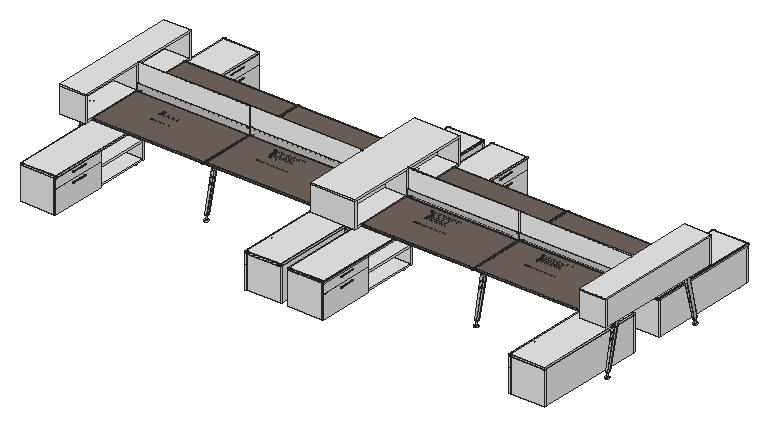
Revit family "T200005", category Furniture, Revit 2015 (continued)
Definition of nested family "OFS_ELEVEN-WORKSPACE_TOOLRAIL_KITS"
  Automatic sketch dimensions
    Masking region 2 sketch curve to Masking region 2 sketch curve = 0.09196"
    Masking region 3 sketch curve to plane 4 "CENTER" = 0"
    Masking region 3 sketch curve to plane 10 "RIGHT" = 0"
    Masking region 3 sketch curve to plane 2 "Center (Front/Back)" = 0.4986"
    Masking region 3 sketch curve to Masking region 3 sketch curve = 0.09196"
    Masking region 4 sketch curve to plane 4 "CENTER" = 0"
    Masking region 4 sketch curve to plane 10 "RIGHT" = 0"
    plane 2 "Center (Front/Back)" to Masking region 4 sketch curve = 0.59055"
    Masking region 4 sketch curve to Masking region 4 sketch curve = 0.09196"
    Masking region 5 sketch curve to plane 4 "CENTER" = 0"
    Masking region 5 sketch curve to plane 10 "RIGHT" = 0"
    plane 2 "Center (Front/Back)" to Masking region 5 sketch curve = 0.4986"
    Masking region 5 sketch curve to plane 2 "Center (Front/Back)" = 0.4986"
    Masking region 6 sketch curve to plane 7 "LEFT" = 0"
    Masking region 6 sketch curve to plane 4 "CENTER" = 0"
    plane 2 "Center (Front/Back)" to Masking region 6 sketch curve = 0.4986"
    Masking region 6 sketch curve to plane 2 "Center (Front/Back)" = 0.4986"
    Masking region 7 sketch curve to plane 7 "LEFT" = 0"
    Masking region 7 sketch curve to plane 5 = 0"
    Masking region 7 sketch curve to plane 2 "Center (Front/Back)" = 0.4986"
    Masking region 7 sketch curve to Masking region 7 sketch curve = 0.09196"
    Masking region 8 sketch curve to plane 7 "LEFT" = 0"
    Masking region 8 sketch curve to plane 5 = 0"
    plane 2 "Center (Front/Back)" to Masking region 8 sketch curve = 0.59055"
    Masking region 8 sketch curve to Masking region 8 sketch curve = 0.09196"
    Masking region 9 sketch curve to plane 7 "LEFT" = 0"
    Masking region 9 sketch curve to plane 5 = 0"
    plane 2 "Center (Front/Back)" to Masking region 9 sketch curve = 0.4986"
    Masking region 9 sketch curve to plane 2 "Center (Front/Back)" = 0.4986"
    Masking region 10 sketch curve to plane 7 "LEFT" = 0"
    Masking region 10 sketch curve to plane 6 = 0"
    Masking region 10 sketch curve to plane 2 "Center (Front/Back)" = 0.4986"
    Masking region 10 sketch curve to Masking region 10 sketch curve = 0.09196"
    Masking region 11 sketch curve to plane 7 "LEFT" = 0"
    Masking region 11 sketch curve to plane 6 = 0"
    plane 2 "Center (Front/Back)" to Masking region 11 sketch curve = 0.59055"
    Masking region 11 sketch curve to Masking region 11 sketch curve = 0.09196"
    Masking region 12 sketch curve to plane 7 "LEFT" = 0"
    Masking region 12 sketch curve to plane 6 = 0"
    plane 2 "Center (Front/Back)" to Masking region 12 sketch curve = 0.4986"
    Masking region 12 sketch curve to plane 2 "Center (Front/Back)" = 0.4986"
    plane 3 "SURFACE HEIGHT" to Extrusion 5 sketch curve = 0"  (x2)
    Extrusion 5 sketch curve to plane 3 "SURFACE HEIGHT" = 0.04"
    plane 2 "Center (Front/Back)" to Extrusion 5 sketch curve = 0.59055"
    Extrusion 5 sketch curve to Extrusion 5 sketch curve = 0.04"  (x2)
    Extrusion 5 sketch curve to Extrusion 5 sketch curve = 0.05196"  (x2)
    Extrusion 5 sketch curve to Extrusion 5 sketch curve = 0.05843"  (x2)
    Extrusion 5 sketch curve to Extrusion 5 sketch curve = 0.01416"
    Extrusion 5 sketch curve to Extrusion 5 sketch curve = 0.03995"  (x4)
    Extrusion 5 sketch curve to Extrusion 5 sketch curve = 0.00634"  (x2)
    Extrusion 5 sketch curve to plane 3 "SURFACE HEIGHT" = 0.09842"  (x2)
    plane 2 "Center (Front/Back)" to Extrusion 5 sketch curve = 0.19685"
    plane 2 "Center (Front/Back)" to Extrusion 5 sketch curve = 0.17717"
    plane 2 "Center (Front/Back)" to Extrusion 5 sketch curve = 1/8"
    Extrusion 5 sketch curve to plane 2 "Center (Front/Back)" = 1/8"
    Extrusion 5 sketch curve to Extrusion 5 sketch curve = 0.05217"
    Extrusion 5 sketch curve to plane 2 "Center (Front/Back)" = 0.19685"
    Extrusion 5 sketch curve to Extrusion 5 sketch curve = 0.2352"
    Extrusion 5 sketch curve to Extrusion 5 sketch curve = 0.07208"
    Extrusion 5 sketch curve to Extrusion 5 sketch curve = 0.29528"
    Extrusion 5 sketch curve to Extrusion 5 sketch curve = 0.23622"
    Extrusion 5 sketch curve to Extrusion 5 sketch curve = 0.82551"
    Extrusion 5 sketch curve to Extrusion 5 sketch curve = 2.33"
    Extrusion 5 sketch curve to Extrusion 5 sketch curve = 0"  (x4)
    Extrusion 5 sketch curve to Extrusion 5 sketch curve = 0.1665"
    Extrusion 5 sketch curve to Extrusion 5 sketch curve = 0.03791"  (x2)
    Extrusion 5 sketch curve to Extrusion 5 sketch curve = 0.11894"  (x2)
    Masking region 13 sketch curve to plane 5 = 0"
    Masking region 13 sketch curve to plane 8 = 0"
    Masking region 13 sketch curve to plane 2 "Center (Front/Back)" = 0.4986"
    Masking region 13 sketch curve to Masking region 13 sketch curve = 0.09196"
    Masking region 14 sketch curve to plane 5 = 0"
    Masking region 14 sketch curve to plane 8 = 0"
    plane 2 "Center (Front/Back)" to Masking region 14 sketch curve = 0.59055"
    Masking region 14 sketch curve to Masking region 14 sketch curve = 0.09196"
    Masking region 15 sketch curve to plane 5 = 0"
    Masking region 15 sketch curve to plane 8 = 0"
    plane 2 "Center (Front/Back)" to Masking region 15 sketch curve = 0.4986"
    Masking region 15 sketch curve to plane 2 "Center (Front/Back)" = 0.4986"
    plane 3 "SURFACE HEIGHT" to Extrusion 6 sketch curve = 0"  (x2)
    Extrusion 6 sketch curve to plane 3 "SURFACE HEIGHT" = 0.04"
    plane 2 "Center (Front/Back)" to Extrusion 6 sketch curve = 0.59055"
    Extrusion 6 sketch curve to Extrusion 6 sketch curve = 0.04"  (x2)
    Extrusion 6 sketch curve to Extrusion 6 sketch curve = 0.05196"  (x2)
    Extrusion 6 sketch curve to Extrusion 6 sketch curve = 0.05843"  (x2)
    Extrusion 6 sketch curve to Extrusion 6 sketch curve = 0.01416"
    Extrusion 6 sketch curve to Extrusion 6 sketch curve = 0.03995"  (x4)
    Extrusion 6 sketch curve to Extrusion 6 sketch curve = 0.00634"  (x2)
    Extrusion 6 sketch curve to plane 3 "SURFACE HEIGHT" = 0.09842"  (x2)
    plane 2 "Center (Front/Back)" to Extrusion 6 sketch curve = 0.19685"
    plane 2 "Center (Front/Back)" to Extrusion 6 sketch curve = 0.17717"
    plane 2 "Center (Front/Back)" to Extrusion 6 sketch curve = 1/8"
    Extrusion 6 sketch curve to plane 2 "Center (Front/Back)" = 1/8"
    Extrusion 6 sketch curve to Extrusion 6 sketch curve = 0.05217"
    Extrusion 6 sketch curve to plane 2 "Center (Front/Back)" = 0.19685"
    Extrusion 6 sketch curve to Extrusion 6 sketch curve = 0.2352"
    Extrusion 6 sketch curve to Extrusion 6 sketch curve = 0.07208"
    Extrusion 6 sketch curve to Extrusion 6 sketch curve = 0.29528"
    Extrusion 6 sketch curve to Extrusion 6 sketch curve = 0.23622"
    Extrusion 6 sketch curve to Extrusion 6 sketch curve = 0.82551"
    Extrusion 6 sketch curve to Extrusion 6 sketch curve = 2.33"
    Extrusion 6 sketch curve to Extrusion 6 sketch curve = 0"  (x4)
    Extrusion 6 sketch curve to Extrusion 6 sketch curve = 0.1665"
    Extrusion 6 sketch curve to Extrusion 6 sketch curve = 0.03791"  (x2)
    Extrusion 6 sketch curve to Extrusion 6 sketch curve = 0.11894"  (x2)
    Masking region 16 sketch curve to plane 8 = 0"
    Masking region 16 sketch curve to plane 10 "RIGHT" = 0"
    Masking region 16 sketch curve to plane 2 "Center (Front/Back)" = 0.4986"
    Masking region 16 sketch curve to Masking region 16 sketch curve = 0.09196"
    Masking region 17 sketch curve to plane 8 = 0"
    Masking region 17 sketch curve to plane 10 "RIGHT" = 0"
    plane 2 "Center (Front/Back)" to Masking region 17 sketch curve = 0.59055"
    Masking region 17 sketch curve to Masking region 17 sketch curve = 0.09196"
    Masking region 18 sketch curve to plane 8 = 0"
    Masking region 18 sketch curve to plane 10 "RIGHT" = 0"
    plane 2 "Center (Front/Back)" to Masking region 18 sketch curve = 0.4986"
    Masking region 18 sketch curve to plane 2 "Center (Front/Back)" = 0.4986"
    plane 3 "SURFACE HEIGHT" to Extrusion 7 sketch curve = 0"  (x2)
    Extrusion 7 sketch curve to plane 3 "SURFACE HEIGHT" = 0.04"
    plane 2 "Center (Front/Back)" to Extrusion 7 sketch curve = 0.59055"
    Extrusion 7 sketch curve to Extrusion 7 sketch curve = 0.04"  (x2)
    Extrusion 7 sketch curve to Extrusion 7 sketch curve = 0.05196"  (x2)
    Extrusion 7 sketch curve to Extrusion 7 sketch curve = 0.05843"  (x2)
    Extrusion 7 sketch curve to Extrusion 7 sketch curve = 0.01416"
    Extrusion 7 sketch curve to Extrusion 7 sketch curve = 0.03995"  (x4)
    Extrusion 7 sketch curve to Extrusion 7 sketch curve = 0.00634"  (x2)
    Extrusion 7 sketch curve to plane 3 "SURFACE HEIGHT" = 0.09842"  (x2)
    plane 2 "Center (Front/Back)" to Extrusion 7 sketch curve = 0.19685"
    plane 2 "Center (Front/Back)" to Extrusion 7 sketch curve = 0.17717"
    plane 2 "Center (Front/Back)" to Extrusion 7 sketch curve = 1/8"
    Extrusion 7 sketch curve to plane 2 "Center (Front/Back)" = 1/8"
    Extrusion 7 sketch curve to Extrusion 7 sketch curve = 0.05217"
    Extrusion 7 sketch curve to plane 2 "Center (Front/Back)" = 0.19685"
    Extrusion 7 sketch curve to Extrusion 7 sketch curve = 0.2352"
    Extrusion 7 sketch curve to Extrusion 7 sketch curve = 0.07208"
    Extrusion 7 sketch curve to Extrusion 7 sketch curve = 0.29528"
    Extrusion 7 sketch curve to Extrusion 7 sketch curve = 0.23622"
    Extrusion 7 sketch curve to Extrusion 7 sketch curve = 0.82551"
    Extrusion 7 sketch curve to Extrusion 7 sketch curve = 2.33"
    Extrusion 7 sketch curve to Extrusion 7 sketch curve = 0"  (x4)
    Extrusion 7 sketch curve to Extrusion 7 sketch curve = 0.1665"
    Extrusion 7 sketch curve to Extrusion 7 sketch curve = 0.03791"  (x2)
    Extrusion 7 sketch curve to Extrusion 7 sketch curve = 0.11894"  (x2)
    Masking region 19 sketch curve to plane 6 = 0"
    Masking region 19 sketch curve to plane 4 "CENTER" = 0"
    Masking region 19 sketch curve to plane 2 "Center (Front/Back)" = 0.4986"
    Masking region 19 sketch curve to Masking region 19 sketch curve = 0.09196"
    Masking region 20 sketch curve to plane 6 = 0"
    Masking region 20 sketch curve to plane 4 "CENTER" = 0"
    plane 2 "Center (Front/Back)" to Masking region 20 sketch curve = 0.59055"
    Masking region 20 sketch curve to Masking region 20 sketch curve = 0.09196"
    Masking region 21 sketch curve to plane 6 = 0"
    Masking region 21 sketch curve to plane 4 "CENTER" = 0"
    plane 2 "Center (Front/Back)" to Masking region 21 sketch curve = 0.4986"
    Masking region 21 sketch curve to plane 2 "Center (Front/Back)" = 0.4986"
    plane 3 "SURFACE HEIGHT" to Extrusion 8 sketch curve = 0"  (x2)
    Extrusion 8 sketch curve to plane 3 "SURFACE HEIGHT" = 0.04"
    plane 2 "Center (Front/Back)" to Extrusion 8 sketch curve = 0.59055"
    Extrusion 8 sketch curve to Extrusion 8 sketch curve = 0.04"  (x2)
    Extrusion 8 sketch curve to Extrusion 8 sketch curve = 0.05196"  (x2)
    Extrusion 8 sketch curve to Extrusion 8 sketch curve = 0.05843"  (x2)
    Extrusion 8 sketch curve to Extrusion 8 sketch curve = 0.01416"
    Extrusion 8 sketch curve to Extrusion 8 sketch curve = 0.03995"  (x4)
    Extrusion 8 sketch curve to Extrusion 8 sketch curve = 0.00634"  (x2)
    Extrusion 8 sketch curve to plane 3 "SURFACE HEIGHT" = 0.09842"  (x2)
    plane 2 "Center (Front/Back)" to Extrusion 8 sketch curve = 0.19685"
    plane 2 "Center (Front/Back)" to Extrusion 8 sketch curve = 0.17717"
    plane 2 "Center (Front/Back)" to Extrusion 8 sketch curve = 1/8"
    Extrusion 8 sketch curve to plane 2 "Center (Front/Back)" = 1/8"
    Extrusion 8 sketch curve to Extrusion 8 sketch curve = 0.05217"
    Extrusion 8 sketch curve to plane 2 "Center (Front/Back)" = 0.19685"
    Extrusion 8 sketch curve to Extrusion 8 sketch curve = 0.2352"
    Extrusion 8 sketch curve to Extrusion 8 sketch curve = 0.07208"
    Extrusion 8 sketch curve to Extrusion 8 sketch curve = 0.29528"
    Extrusion 8 sketch curve to Extrusion 8 sketch curve = 0.23622"
    Extrusion 8 sketch curve to Extrusion 8 sketch curve = 0.82551"
    Extrusion 8 sketch curve to Extrusion 8 sketch curve = 2.33"
    Extrusion 8 sketch curve to Extrusion 8 sketch curve = 0"  (x4)
    Extrusion 8 sketch curve to Extrusion 8 sketch curve = 0.1665"
    Extrusion 8 sketch curve to Extrusion 8 sketch curve = 0.03791"  (x2)
    Extrusion 8 sketch curve to Extrusion 8 sketch curve = 0.11894"  (x2)
    Masking region 22 sketch curve to plane 4 "CENTER" = 0"
    Masking region 22 sketch curve to plane 9 = 0"
    Masking region 22 sketch curve to plane 2 "Center (Front/Back)" = 0.4986"
    Masking region 22 sketch curve to Masking region 22 sketch curve = 0.09196"
    Masking region 23 sketch curve to plane 4 "CENTER" = 0"
    Masking region 23 sketch curve to plane 9 = 0"
    plane 2 "Center (Front/Back)" to Masking region 23 sketch curve = 0.59055"
    Masking region 23 sketch curve to Masking region 23 sketch curve = 0.09196"
    Masking region 24 sketch curve to plane 4 "CENTER" = 0"
    Masking region 24 sketch curve to plane 9 = 0"
    plane 2 "Center (Front/Back)" to Masking region 24 sketch curve = 0.4986"
    Masking region 24 sketch curve to plane 2 "Center (Front/Back)" = 0.4986"
    plane 3 "SURFACE HEIGHT" to Extrusion 9 sketch curve = 0"  (x2)
    Extrusion 9 sketch curve to plane 3 "SURFACE HEIGHT" = 0.04"
    plane 2 "Center (Front/Back)" to Extrusion 9 sketch curve = 0.59055"
    Extrusion 9 sketch curve to Extrusion 9 sketch curve = 0.04"  (x2)
    Extrusion 9 sketch curve to Extrusion 9 sketch curve = 0.05196"  (x2)
    Extrusion 9 sketch curve to Extrusion 9 sketch curve = 0.05843"  (x2)
    Extrusion 9 sketch curve to Extrusion 9 sketch curve = 0.01416"
    Extrusion 9 sketch curve to Extrusion 9 sketch curve = 0.03995"  (x4)
    Extrusion 9 sketch curve to Extrusion 9 sketch curve = 0.00634"  (x2)
    Extrusion 9 sketch curve to plane 3 "SURFACE HEIGHT" = 0.09842"  (x2)
    plane 2 "Center (Front/Back)" to Extrusion 9 sketch curve = 0.19685"
    plane 2 "Center (Front/Back)" to Extrusion 9 sketch curve = 0.17717"
    plane 2 "Center (Front/Back)" to Extrusion 9 sketch curve = 1/8"
    Extrusion 9 sketch curve to plane 2 "Center (Front/Back)" = 1/8"
    Extrusion 9 sketch curve to Extrusion 9 sketch curve = 0.05217"
    Extrusion 9 sketch curve to plane 2 "Center (Front/Back)" = 0.19685"
    Extrusion 9 sketch curve to Extrusion 9 sketch curve = 0.2352"
    Extrusion 9 sketch curve to Extrusion 9 sketch curve = 0.07208"
    Extrusion 9 sketch curve to Extrusion 9 sketch curve = 0.29528"
    Extrusion 9 sketch curve to Extrusion 9 sketch curve = 0.23622"
    Extrusion 9 sketch curve to Extrusion 9 sketch curve = 0.82551"
    Extrusion 9 sketch curve to Extrusion 9 sketch curve = 2.33"
    Extrusion 9 sketch curve to Extrusion 9 sketch curve = 0"  (x4)
    Extrusion 9 sketch curve to Extrusion 9 sketch curve = 0.1665"
    Extrusion 9 sketch curve to Extrusion 9 sketch curve = 0.03791"  (x2)
    Extrusion 9 sketch curve to Extrusion 9 sketch curve = 0.11894"  (x2)
    Masking region 25 sketch curve to plane 9 = 0"
    Masking region 25 sketch curve to plane 10 "RIGHT" = 0"
    Masking region 25 sketch curve to plane 2 "Center (Front/Back)" = 0.4986"
    Masking region 25 sketch curve to Masking region 25 sketch curve = 0.09196"
    Masking region 26 sketch curve to plane 9 = 0"
    Masking region 26 sketch curve to plane 10 "RIGHT" = 0"
    plane 2 "Center (Front/Back)" to Masking region 26 sketch curve = 0.59055"
    Masking region 26 sketch curve to Masking region 26 sketch curve = 0.09196"
    Masking region 27 sketch curve to plane 9 = 0"
    Masking region 27 sketch curve to plane 10 "RIGHT" = 0"
    plane 2 "Center (Front/Back)" to Masking region 27 sketch curve = 0.4986"
    Masking region 27 sketch curve to plane 2 "Center (Front/Back)" = 0.4986"
Definition of nested family "OFS_ELEVEN-WORKSPACE_PRIVACY_PANELS_FROSTED_ACRYLIC_PVPA"
  Parameters (values of type "ELEVEN_WRKSPC_PRIVACY_PANEL_FROSTED-ACR_48 X 19")
    URL = "http://www.ofs.com/products/benching/eleven_work_space"
    PRIVACY PANEL HEIGHT = 18.813"
    Model = ""
    Manufacturer = "OFS-ELEVEN WORKSPACE"
    MODEL NUMBER = "ENW-PVPA-47.63/18.81"
    MANUFACTURERS' CODE = "OFS"
    ENVIRONMENTAL = "http://www.ofs.com/about/environment"
    Description = "ELLEVEN WORKSPACE PRIVACY PANEL FROSTED ACR 48 x 19"
    PRIVACY PANEL WIDTH = 47 5/8"
    CATALOG CODE = "OFB"
    Assembly Code = ""
  Types (18): name | PRIVACY PANEL HEIGHT | MODEL NUMBER | Description | PRIVACY PANEL WIDTH
    ELEVEN_WRKSPC_PRIVACY_PANEL_FROSTED-ACR_12 X 13 | 12.813" | "ENW-PVPA-11.63/12.81" | "ELLEVEN WORKSPACE PRIVACY PANEL FROSTED ACR 12 x 13" | 11 5/8"
    ELEVEN_WRKSPC_PRIVACY_PANEL_FROSTED-ACR_18 X 13 | 12.813" | "ENW-PVPA-17.63/12.81" | "ELLEVEN WORKSPACE PRIVACY PANEL FROSTED ACR 18 x 13" | 17 5/8"
    ELEVEN_WRKSPC_PRIVACY_PANEL_FROSTED-ACR_24 X 13 | 12.813" | "ENW-PVPA-23.63/12.81" | "ELLEVEN WORKSPACE PRIVACY PANEL FROSTED ACR 24 x 13" | 23 5/8"
    ELEVEN_WRKSPC_PRIVACY_PANEL_FROSTED-ACR_30 X 13 | 12.813" | "ENW-PVPA-29.63/12.81" | "ELLEVEN WORKSPACE PRIVACY PANEL FROSTED ACR 30 x 13" | 29 5/8"
    ELEVEN_WRKSPC_PRIVACY_PANEL_FROSTED-ACR_36 X 13 | 12.813" | "ENW-PVPA-35.63/12.81" | "ELLEVEN WORKSPACE PRIVACY PANEL FROSTED ACR 36 x 13" | 35 5/8"
    ELEVEN_WRKSPC_PRIVACY_PANEL_FROSTED-ACR_42 X 13 | 12.813" | "ENW-PVPA-41.63/12.81" | "ELLEVEN WORKSPACE PRIVACY PANEL FROSTED ACR 42 x 13" | 41 5/8"
    ELEVEN_WRKSPC_PRIVACY_PANEL_FROSTED-ACR_48 X 13 | 12.813" | "ENW-PVPA-47.63/12.81" | "ELLEVEN WORKSPACE PRIVACY PANEL FROSTED ACR 48 x 13" | 47 5/8"
    ELEVEN_WRKSPC_PRIVACY_PANEL_FROSTED-ACR_60 X 13 | 12.813" | "ENW-PVPA-59.63/12.81" | "ELLEVEN WORKSPACE PRIVACY PANEL FROSTED ACR 60 x 13" | 59 5/8"
    ELEVEN_WRKSPC_PRIVACY_PANEL_FROSTED-ACR_72 X 13 | 12.813" | "ENW-PVPA-71.63/12.81" | "ELLEVEN WORKSPACE PRIVACY PANEL FROSTED ACR 72 x 13" | 71 5/8"
    ELEVEN_WRKSPC_PRIVACY_PANEL_FROSTED-ACR_12 X 19 | 18.813" | "ENW-PVPA-11.63/18.81" | "ELLEVEN WORKSPACE PRIVACY PANEL FROSTED ACR 12 x 19" | 11 5/8"
    ELEVEN_WRKSPC_PRIVACY_PANEL_FROSTED-ACR_18 X 19 | 18.813" | "ENW-PVPA-17.63/18.81" | "ELLEVEN WORKSPACE PRIVACY PANEL FROSTED ACR 18 x 19" | 17 5/8"
    ELEVEN_WRKSPC_PRIVACY_PANEL_FROSTED-ACR_24 X 19 | 18.813" | "ENW-PVPA-23.63/18.81" | "ELLEVEN WORKSPACE PRIVACY PANEL FROSTED ACR 24 x 18" | 23 5/8"
    ELEVEN_WRKSPC_PRIVACY_PANEL_FROSTED-ACR_30 X 19 | 18.813" | "ENW-PVPA-29.63/18.81" | "ELLEVEN WORKSPACE PRIVACY PANEL FROSTED ACR 30 x 19" | 29 5/8"
    ELEVEN_WRKSPC_PRIVACY_PANEL_FROSTED-ACR_36 X 19 | 18.813" | "ENW-PVPA-35.63/18.81" | "ELLEVEN WORKSPACE PRIVACY PANEL FROSTED ACR 36 x 19" | 35 5/8"
    ELEVEN_WRKSPC_PRIVACY_PANEL_FROSTED-ACR_42 X 19 | 18.813" | "ENW-PVPA-41.63/18.81" | "ELLEVEN WORKSPACE PRIVACY PANEL FROSTED ACR 42 x 19" | 41 5/8"
    ELEVEN_WRKSPC_PRIVACY_PANEL_FROSTED-ACR_48 X 19 | 18.813" | "ENW-PVPA-47.63/18.81" | "ELLEVEN WORKSPACE PRIVACY PANEL FROSTED ACR 48 x 19" | 47 5/8"
    ELEVEN_WRKSPC_PRIVACY_PANEL_FROSTED-ACR_60 X 19 | 18.813" | "ENW-PVPA-59.63/18.81" | "ELLEVEN WORKSPACE PRIVACY PANEL FROSTED-ACR 60 x 19" | 59 5/8"
    ELEVEN_WRKSPC_PRIVACY_PANEL_FROSTED-ACR_72 X 19 | 18.813" | "ENW-PVPA-71.63/18.81" | "ELLEVEN WORKSPACE PRIVACY PANEL FROSTED ACR 72 x 19" | 71 5/8"
  Reference planes (in)
    plane 1: z = 0
    plane 2 "Center Left/Right": x = 0
    plane 3 "Left": x = -23.8125
    plane 4 "Right": x = 23.8125
    plane 5 "CENTER (FRONT/BACK)": y = 1.62535
    plane 6 "PRIVACY PANEL TOP": z = 47.93014
    plane 7: z = 29.11714
  Forms (in)
    Extrusion 1, solid
      sketch origin (-20.62535, -17.37465, 29.11714) x (0, 1, 0) y (-1, 0, 0)
        loop
          line (19.125, 3.18715) -> (18.875, 3.18715) -> (18.875, -44.43785) -> (19.125, -44.43785) -> (19.125, 3.18715)
      from 0 to 18.813
  Lines and regions (in)
    Masking region 1
      outline origin (0, 0, 0) x (1, 0, 0) y (0, 1, 0)
        loop
          line (-23.8125, 1.75035) -> (-23.8125, 1.50035) -> (23.8125, 1.50035) -> (23.8125, 1.75035) -> (-23.8125, 1.75035)
  Dimensions and locks (in)
    "PRIVACY PANEL WIDTH": plane 3 "Left" to plane 4 "Right"
    equal spacing: plane 3 "Left", plane 2 "Center Left/Right", plane 4 "Right"
    "PRIVACY PANEL HEIGHT": plane 6 "PRIVACY PANEL TOP" to plane 7
    locked: plane 7 to level at 29.11714
    locked: Extrusion 1 to Extrusion 1 at 0.25
    aligned and locked: level to plane 1
    aligned and locked: plane 6 "PRIVACY PANEL TOP" to Extrusion 1
  Automatic sketch dimensions
    Extrusion 1 sketch curve to plane 3 "Left" = 0"
    Extrusion 1 sketch curve to plane 4 "Right" = 0"
    plane 5 "CENTER (FRONT/BACK)" to Extrusion 1 sketch curve = 1/8"
    Extrusion 1 sketch curve to Extrusion 1 sketch curve = 1/4"
    Masking region 1 sketch curve to plane 3 "Left" = 0"
    Masking region 1 sketch curve to plane 4 "Right" = 0"
    plane 5 "CENTER (FRONT/BACK)" to Masking region 1 sketch curve = 1/8"
    Masking region 1 sketch curve to plane 5 "CENTER (FRONT/BACK)" = 1/8"
Definition of nested family "STAKS BENCHING WIRE BASKET KIT Single Basket"
  Parameters (values of type "STAKS BENCHING WIRE BASKET KIT Single Basquet for 48in Tops")
    URL = "http://www.ofs.com/"
    RIB R = (Width - 0.158") / 4" + 1  # 9
    RIB L = (Width - 0.158") / 4" + 1  # 9
    Model = "WM-48CBKT-1"
    Manufacturer = "OFS"
    Height = 9"
    Description = "OFS STAKS BENCHING WIRE BASKET KIT Single Basket, use on Double Sided Table with Two 48\"W Tops"
    Depth = 10"
    Copyright © = "© 2018 OFS"
    Catalog = "https://ofs.com/products/open-plan/benching/staks"
    Basket Mount Material = none
    Basket Material = none
    BRACKET POSITION = if(Width > 50", 27.112", 22.079")  # 22.079"
    Width = 32"
    Authoring Version = "Autodesk Revit Architecture 2013"
    Assembly Code = "E2020200"
  Types (7): name | RIB R | RIB L | Model | Description | BRACKET POSITION | Width
    STAKS BENCHING WIRE BASKET KIT Single Basquet for 48in Tops | 9 | 9 | "WM-48CBKT-1" | "OFS STAKS BENCHING WIRE BASKET KIT Single Basket, use on Double Sided Table with Two 48\"W Tops" | 22.079" | 32"
    STAKS BENCHING WIRE BASKET KIT Single Basquet for 54in Tops | 10 | 10 | "WM-54CBKT-1" | "OFS STAKS BENCHING WIRE BASKET KIT Single Basket, use on Double Sided Table with Two 54\"W Tops" | 22.079" | 38"
    STAKS BENCHING WIRE BASKET KIT Single Basquet for 60in Tops | 12 | 12 | "WM-60CBKT-1" | "OFS STAKS BENCHING WIRE BASKET KIT Single Basket, use on Double Sided Table with Two 60\"W Tops" | 22.079" | 44"
    STAKS BENCHING WIRE BASKET KIT Single Basquet for 66in Tops | 13 | 13 | "WM-66CBKT-1" | "OFS STAKS BENCHING WIRE BASKET KIT Single Basket, use on Double Sided Table with Two 66\"W Tops" | 22.079" | 50"
    STAKS BENCHING WIRE BASKET KIT Single Basquet for 72in Tops | 15 | 15 | "WM-72CBKT-1" | "OFS STAKS BENCHING WIRE BASKET KIT Single Basket, use on Double Sided Table with Two 72\"W Tops" | 27.112" | 56"
    STAKS BENCHING WIRE BASKET KIT Single Basquet for 78in Tops | 16 | 16 | "WM-78CBKT-1" | "OFS STAKS BENCHING WIRE BASKET KIT Single Basket, use on Double Sided Table with Two 78\"W Tops" | 27.112" | 62"
    STAKS BENCHING WIRE BASKET KIT Single Basquet for 84in Tops | 18 | 18 | "WM-84CBKT-1" | "OFS STAKS BENCHING WIRE BASKET KIT Single Basket, use on Double Sided Table with Two 84\"W Tops" | 27.112" | 68"
  Reference planes (in)
    plane 1: z = 0
    plane 2 "Center (Front/Back)": y = 20.00035
    plane 3 "RIB TOP": z = 21.354
    plane 4 "CENTER LEFT/RIGHT": x = -26.90726
    plane 5: y = 26.00035
    plane 6: x = -10.90726
    plane 7 "LEFT": x = -42.90726
    plane 8: x = -10.98626
    plane 9: z = 27.875
    plane 10: z = 19.696
    plane 11: y = 14.00035
    plane 12: x = -42.82826
    plane 13: y = 25.76335
    plane 14: y = 14.23735
    plane 15: y = 25.26335
    plane 16: y = 23.97516
    plane 17: y = 22.68697
    plane 18: y = 14.73735
    plane 19: y = 17.31372
    plane 20: y = 18.60191
    plane 21: z = 21.275
    plane 22: z = 20.525
    plane 23: z = 19.933
    plane 24: x = -26.90726
    plane 25: z = 19.854
    plane 26: z = 19.6665
    plane 27: x = -39.32826
    plane 28: z = 20.0415
    plane 29: x = -14.40726
    plane 30: y = 20.1106
    plane 31: y = 21.39879
    plane 32: y = 19.8901
    plane 33: y = 16.02554
  Forms (in)
    Extrusion 1, solid, material <- "Basket Material"
      sketch origin (-48.09826, 0.5, -0.737) x (0, 1, 0) y (0, 0, 1)
        loop
          circle (25.26335, 22.012) r 0.079
      from 5.191 to 37.191
    Extrusion 2, solid, material <- "Basket Material"
      sketch origin (-48.09826, 0.5, -1.487) x (0, 1, 0) y (0, 0, 1)
        loop
          circle (25.26335, 22.012) r 0.079
      from 5.191 to 37.191
    Extrusion 3, solid, material <- "Basket Material"
      sketch origin (-48.09826, 0, -2.079) x (0, 1, 0) y (0, 0, 1)
        loop
          circle (25.26335, 22.012) r 0.079
      from 5.191 to 37.191
    Extrusion 4, solid, material <- "Basket Material"
      sketch origin (-48.09826, -1.938, -2.079) x (0, 1, 0) y (0, 0, 1)
        loop
          circle (25.91316, 22.012) r 0.079
      from 5.191 to 37.191
    Extrusion 5, solid, material <- "Basket Material"
      sketch origin (-48.09826, -3.908, -2.079) x (0, 1, 0) y (0, 0, 1)
        loop
          circle (26.59497, 22.012) r 0.079
      from 5.191 to 37.191
    Extrusion 6, solid, material <- "Basket Material"
      sketch origin (-48.09826, -8.588, -2.079) x (0, 1, 0) y (0, 0, 1)
        loop
          circle (25.90172, 22.012) r 0.079
      from 5.191 to 37.191
    Extrusion 7, solid, material <- "Basket Material"
      sketch origin (-48.09826, -6.618, -2.079) x (0, 1, 0) y (0, 0, 1)
        loop
          circle (25.21991, 22.012) r 0.079
      from 5.191 to 37.191
    Extrusion 8, solid, material <- "Basket Material"
      sketch origin (-48.09826, -10.526, -2.079) x (0, 1, 0) y (0, 0, 1)
        loop
          circle (25.26335, 22.012) r 0.079
      from 5.191 to 37.191
    Extrusion 9, solid, material <- "Basket Material"
      sketch origin (-48.09826, -11.026, -1.487) x (0, 1, 0) y (0, 0, 1)
        loop
          circle (25.26335, 22.012) r 0.079
      from 5.191 to 37.191
    Extrusion 10, solid, material <- "Basket Material"
      sketch origin (-48.09826, -11.026, -0.737) x (0, 1, 0) y (0, 0, 1)
        loop
          circle (25.26335, 22.012) r 0.079
      from 5.191 to 37.191
    Extrusion 11, solid, material <- "Basket Mount Material"
      sketch origin (0, 0, 21.354) x (-1, 0, 0) y (0, -1, 0)
        loop
          line (39.14126, -19.50035) -> (38.14126, -19.50035) -> (38.14126, -20.50035) -> (39.14126, -20.50035) -> (39.14126, -19.50035)
      from -1.5 to 6.521
    Extrusion 12, solid, material <- "Basket Mount Material"
      sketch origin (-88.03851, 0, 21.354) x (1, 0, 0) y (0, 1, 0)
        loop
          line (73.44426, 19.50035) -> (73.44426, 20.50035) -> (72.44426, 20.50035) -> (72.44426, 19.50035) -> (73.44426, 19.50035)
      from -1.5 to 6.521
    Extrusion 13, solid, material <- "Basket Material"
      sketch origin (-48.09826, -5.19619, -2.079) x (0, 1, 0) y (0, 0, 1)
        loop
          circle (26.59497, 22.012) r 0.079
      from 5.191 to 37.191
    Extrusion 14, solid, material <- "Basket Material"
      sketch origin (-48.09826, -10.56944, -2.079) x (0, 1, 0) y (0, 0, 1)
        loop
          circle (26.59497, 22.012) r 0.079
      from 5.191 to 37.191
    Extrusion 15, solid, material <- "Basket Material"
      sketch origin (-48.09826, -5.32981, -2.079) x (0, 1, 0) y (0, 0, 1)
        loop
          circle (25.21991, 22.012) r 0.079
      from 5.191 to 37.191
    Extrusion 16, solid, material <- "Basket Material"
      sketch origin (-48.09826, -5.10931, -2.079) x (0, 1, 0) y (0, 0, 1)
        loop
          circle (25.21991, 22.012) r 0.079
      from 5.191 to 37.191
  Lines and regions (in)
    Masking region 1
      outline origin (0, 0, 0) x (1, 0, 0) y (0, 1, 0)
        loop
          line (-42.90726, 25.84235) -> (-42.90726, 25.68435) -> (-10.90726, 25.68435) -> (-10.90726, 25.84235) -> (-42.90726, 25.84235)
    Masking region 2
      outline origin (0, 0, 0) x (1, 0, 0) y (0, 1, 0)
        loop
          line (-42.90726, 24.05416) -> (-42.90726, 23.89616) -> (-10.90726, 23.89616) -> (-10.90726, 24.05416) -> (-42.90726, 24.05416)
    Masking region 3
      outline origin (0, 0, 0) x (1, 0, 0) y (0, 1, 0)
        loop
          line (-42.90726, 22.76597) -> (-42.90726, 22.60797) -> (-10.90726, 22.60797) -> (-10.90726, 22.76597) -> (-42.90726, 22.76597)
    Masking region 4
      outline origin (0, 0, 0) x (1, 0, 0) y (0, 1, 0)
        loop
          line (-42.90726, 18.68091) -> (-42.90726, 18.52291) -> (-10.90726, 18.52291) -> (-10.90726, 18.68091) -> (-42.90726, 18.68091)
    Masking region 5
      outline origin (0, 1.938, 0) x (1, 0, 0) y (0, 1, 0)
        loop
          line (-42.90726, 23.40435) -> (-42.90726, 23.24635) -> (-10.90726, 23.24635) -> (-10.90726, 23.40435) -> (-42.90726, 23.40435)
    Masking region 6
      outline origin (0, -1.97, 0) x (1, 0, 0) y (0, 1, 0)
        loop
          line (-42.90726, 19.36272) -> (-42.90726, 19.20472) -> (-10.90726, 19.20472) -> (-10.90726, 19.36272) -> (-42.90726, 19.36272)
    Masking region 7
      outline origin (0, -3.908, 0) x (1, 0, 0) y (0, 1, 0)
        loop
          line (-42.90726, 18.72435) -> (-42.90726, 18.56635) -> (-10.90726, 18.56635) -> (-10.90726, 18.72435) -> (-42.90726, 18.72435)
    Masking region 8
      outline origin (0, -4.408, 0) x (1, 0, 0) y (0, 1, 0)
        loop
          line (-42.90726, 18.72435) -> (-42.90726, 18.56635) -> (-10.90726, 18.56635) -> (-10.90726, 18.72435) -> (-42.90726, 18.72435)
    Masking region 9
      outline origin (0, 1.24475, 0) x (1, 0, 0) y (0, 1, 0)
        loop
          line (-42.90726, 18.72435) -> (-42.90726, 18.56635) -> (-10.90726, 18.56635) -> (-10.90726, 18.72435) -> (-42.90726, 18.72435)
    Masking region 10
      outline origin (0, 38.75595, 0) x (0, -1, 0) y (1, 0, 0)
        loop
          line (18.72435, -42.90726) -> (18.72435, -10.90726) -> (18.56635, -10.90726) -> (18.56635, -42.90726) -> (18.72435, -42.90726)
    Masking region 11
      outline origin (0, -1.28819, 0) x (1, 0, 0) y (0, 1, 0)
        loop
          line (-42.90726, 22.76597) -> (-42.90726, 22.60797) -> (-10.90726, 22.60797) -> (-10.90726, 22.76597) -> (-42.90726, 22.76597)
    Masking region 12
      outline origin (0, -2.72, 0) x (1, 0, 0) y (0, 1, 0)
        loop
          line (-42.90726, 18.82454) -> (-42.90726, 18.66654) -> (-10.90726, 18.66654) -> (-10.90726, 18.82454) -> (-42.90726, 18.82454)
  Dimensions and locks (in)
    "Width": plane 7 "LEFT" to plane 6
    locked: plane 8 to plane 6 at 0.079
    locked: plane 7 "LEFT" to plane 12 at 0.079
    equal spacing: group 1, group 2, group 3, group 4, group 5, group 6, group 7, group 8, group 9  (x3)
    locked: nested 2 to nested 1 at 4
    equal spacing: plane 7 "LEFT", plane 24, plane 6
    locked: plane 12 to plane 27 at 3.5
    locked: plane 29 to plane 6 at 3.5
    aligned and locked: level to plane 1
    aligned and locked: Extrusion 1 to plane 7 "LEFT"
    aligned and locked: plane 6 to Extrusion 1
    aligned and locked: plane 6 to Extrusion 4
    aligned and locked: plane 6 to Extrusion 5
    aligned and locked: plane 6 to Extrusion 7
    aligned and locked: plane 6 to Extrusion 6
    aligned and locked: plane 6 to Extrusion 8
    aligned and locked: plane 6 to Extrusion 10
    aligned and locked: plane 6 to Extrusion 9
    aligned and locked: plane 6 to Extrusion 2
    aligned and locked: plane 6 to Extrusion 3
    aligned and locked: Extrusion 2 to plane 7 "LEFT"
    aligned and locked: Extrusion 3 to plane 7 "LEFT"
    aligned and locked: Extrusion 4 to plane 7 "LEFT"
    aligned and locked: Extrusion 5 to plane 7 "LEFT"
    aligned and locked: Extrusion 7 to plane 7 "LEFT"
    aligned and locked: Extrusion 6 to plane 7 "LEFT"
    aligned and locked: Extrusion 8 to plane 7 "LEFT"
    aligned and locked: Extrusion 10 to plane 7 "LEFT"
    aligned and locked: Extrusion 9 to plane 7 "LEFT"
    aligned and locked: plane 12 to nested 1
    aligned and locked: nested 1 to plane 10
    aligned and locked: plane 25 to Extrusion 11
    aligned and locked: Extrusion 11 to plane 9
    aligned and locked: plane 4 "CENTER LEFT/RIGHT" to plane 24
    aligned and locked: Masking region 9 to plane 7 "LEFT"
    aligned and locked: plane 6 to Masking region 9
    aligned and locked: plane 6 to Masking region 10
    aligned and locked: Masking region 10 to plane 7 "LEFT"
    aligned and locked: Extrusion 16 to plane 7 "LEFT"
    aligned and locked: Extrusion 15 to plane 7 "LEFT"
    aligned and locked: plane 6 to Extrusion 15
    aligned and locked: plane 6 to Extrusion 16
    aligned and locked: Extrusion 13 to plane 7 "LEFT"
    aligned and locked: plane 6 to Extrusion 13
    aligned and locked: plane 6 to Extrusion 14
    aligned and locked: Extrusion 14 to plane 7 "LEFT"
  Automatic sketch dimensions
    Extrusion 1 sketch curve to plane 13 = 0"
    plane 21 to Extrusion 1 sketch curve = 0"
    Extrusion 2 sketch curve to plane 13 = 0"
    plane 22 to Extrusion 2 sketch curve = 0"
    Extrusion 3 sketch curve to plane 15 = 0"
    plane 23 to Extrusion 3 sketch curve = 0"
    Extrusion 4 sketch curve to plane 16 = 0"
    plane 23 to Extrusion 4 sketch curve = 0"
    Extrusion 5 sketch curve to plane 17 = 0"
    plane 23 to Extrusion 5 sketch curve = 0"
    Extrusion 6 sketch curve to plane 19 = 0"
    plane 23 to Extrusion 6 sketch curve = 0"
    Extrusion 7 sketch curve to plane 20 = 0"
    plane 23 to Extrusion 7 sketch curve = 0"
    Extrusion 8 sketch curve to plane 18 = 0"
    plane 23 to Extrusion 8 sketch curve = 0"
    Extrusion 9 sketch curve to plane 14 = 0"
    plane 22 to Extrusion 9 sketch curve = 0"
    Extrusion 10 sketch curve to plane 14 = 0"
    plane 21 to Extrusion 10 sketch curve = 0"
    Masking region 1 sketch curve to plane 7 "LEFT" = 0"
    Masking region 1 sketch curve to plane 6 = 0"
    plane 13 to Masking region 1 sketch curve = 0.079"
    Masking region 1 sketch curve to plane 13 = 0.079"
    Masking region 2 sketch curve to plane 7 "LEFT" = 0"
    Masking region 2 sketch curve to plane 6 = 0"
    plane 16 to Masking region 2 sketch curve = 0.079"
    Masking region 2 sketch curve to plane 16 = 0.079"
    Masking region 3 sketch curve to plane 7 "LEFT" = 0"
    Masking region 3 sketch curve to plane 6 = 0"
    plane 17 to Masking region 3 sketch curve = 0.079"
    Masking region 3 sketch curve to plane 17 = 0.079"
    Masking region 4 sketch curve to plane 7 "LEFT" = 0"
    Masking region 4 sketch curve to plane 6 = 0"
    Masking region 4 sketch curve to plane 20 = 0.079"
    plane 20 to Masking region 4 sketch curve = 0.079"
    Masking region 5 sketch curve to plane 7 "LEFT" = 0"
    Masking region 5 sketch curve to plane 6 = 0"
    plane 15 to Masking region 5 sketch curve = 0.079"
    Masking region 5 sketch curve to plane 15 = 0.079"
    Masking region 6 sketch curve to plane 7 "LEFT" = 0"
    Masking region 6 sketch curve to plane 6 = 0"
    Masking region 6 sketch curve to plane 19 = 0.079"
    plane 19 to Masking region 6 sketch curve = 0.079"
    Masking region 7 sketch curve to plane 7 "LEFT" = 0"
    Masking region 7 sketch curve to plane 6 = 0"
    Masking region 7 sketch curve to plane 18 = 0.079"
    plane 18 to Masking region 7 sketch curve = 0.079"
    Masking region 8 sketch curve to plane 7 "LEFT" = 0"
    Masking region 8 sketch curve to plane 6 = 0"
    Masking region 8 sketch curve to plane 14 = 0.079"
    plane 14 to Masking region 8 sketch curve = 0.079"
    Masking region 9 sketch curve to plane 7 "LEFT" = 0"
    Masking region 9 sketch curve to plane 6 = 0"
    Masking region 9 sketch curve to plane 32 = 0.079"
    plane 2 "Center (Front/Back)" to Masking region 9 sketch curve = 1/32"
    Masking region 10 sketch curve to plane 7 "LEFT" = 0"
    Masking region 10 sketch curve to plane 6 = 0"
    Masking region 10 sketch curve to plane 30 = 0.079"
    Masking region 10 sketch curve to plane 2 "Center (Front/Back)" = 1/32"
    Masking region 11 sketch curve to plane 7 "LEFT" = 0"
    Masking region 11 sketch curve to plane 6 = 0"
    plane 31 to Masking region 11 sketch curve = 0.079"
    Masking region 11 sketch curve to plane 31 = 0.079"
    Masking region 12 sketch curve to plane 7 "LEFT" = 0"
    Masking region 12 sketch curve to plane 6 = 0"
    Masking region 12 sketch curve to plane 33 = 0.079"
    plane 33 to Masking region 12 sketch curve = 0.079"
    plane 23 to Extrusion 13 sketch curve = 0"
    Extrusion 13 sketch curve to plane 31 = 0"
    plane 23 to Extrusion 14 sketch curve = 0"
    Extrusion 14 sketch curve to plane 33 = 0"
    plane 23 to Extrusion 15 sketch curve = 0"
    Extrusion 15 sketch curve to plane 32 = 0"
    plane 23 to Extrusion 16 sketch curve = 0"
    Extrusion 16 sketch curve to plane 30 = 0"
    Extrusion 11 sketch curve to plane 30 = 0.38975"
    plane 27 to Extrusion 11 sketch curve = 1.187"
    plane 27 to Extrusion 11 sketch curve = 0.187"
    Extrusion 11 sketch curve to plane 32 = 0.38975"
    plane 30 to Extrusion 12 sketch curve = 0.38975"
    Extrusion 12 sketch curve to plane 29 = 1.187"
    Extrusion 12 sketch curve to plane 29 = 0.187"
    plane 32 to Extrusion 12 sketch curve = 0.38975"
    radius of Extrusion 1 sketch curve = 0.079"
    radius of Extrusion 2 sketch curve = 0.079"
    radius of Extrusion 3 sketch curve = 0.079"
    radius of Extrusion 4 sketch curve = 0.079"
    radius of Extrusion 5 sketch curve = 0.079"
    radius of Extrusion 6 sketch curve = 0.079"
    radius of Extrusion 7 sketch curve = 0.079"
    radius of Extrusion 8 sketch curve = 0.079"
    radius of Extrusion 9 sketch curve = 0.079"
    radius of Extrusion 10 sketch curve = 0.079"
    radius of Extrusion 13 sketch curve = 0.079"
    radius of Extrusion 14 sketch curve = 0.079"
    radius of Extrusion 15 sketch curve = 0.079"
    radius of Extrusion 16 sketch curve = 0.079"
  Nested families (in)
    nested 1: "BASKET-RIB" at (-40.809, 0, 19.696), Ribs <- "Basket Material", type "BASKET-RIB"
      with Ribs none
    nested 2: "BASKET-RIB" at (-36.809, 0, 19.696), Ribs <- "Basket Material", type "BASKET-RIB"
      with Ribs none
    nested 3: "BASKET-RIB" at (-32.809, 0, 19.696), Ribs <- "Basket Material", type "BASKET-RIB"
      with Ribs none
    nested 4: "BASKET-RIB" at (-28.809, 0, 19.696), Ribs <- "Basket Material", type "BASKET-RIB"
      with Ribs none
    nested 5: "BASKET-RIB" at (-24.809, 0, 19.696), Ribs <- "Basket Material", type "BASKET-RIB"
      with Ribs none
    nested 6: "BASKET-RIB" at (-20.809, 0, 19.696), Ribs <- "Basket Material", type "BASKET-RIB"
      with Ribs none
    nested 7: "BASKET-RIB" at (-16.809, 0, 19.696), Ribs <- "Basket Material", type "BASKET-RIB"
      with Ribs none
    nested 8: "BASKET-RIB" at (-12.809, 0, 19.696), Ribs <- "Basket Material", type "BASKET-RIB"
      with Ribs none
    nested 9: "BASKET-RIB" at (-8.809, 0, 19.696), Ribs <- "Basket Material", type "BASKET-RIB"
      with Ribs none
  Definition of nested family "BASKET-RIB"
    Parameters
      URL = ""
      Ribs [instance] = none
      Model = ""
      Manufacturer = "FIRST OFFICE-STAKS"
      MANUFACTURERS' CODE = ""
      Description = "BASKET-RIB"
      CATALOG CODE = ""
      Assembly Code = ""
    Reference planes (in)
      plane 1: z = 0
      plane 2 "Center (Front/Back)": y = 20.00035
      plane 3 "RIB TOP": z = 1.658
      plane 4 "CENTER LEFT/RIGHT": x = -2.01926
      plane 5: y = 26.00035
      plane 6: y = 14.00035
      plane 7: x = -1.94026
      plane 8: x = -2.09826
    Forms (in)
      Sweep 1, solid, material <- "Ribs"
        path origin (-2.01926, 0, 0) x (0, 1, 0) y (0, 0, 1)
          loop
            line (26.00035, 1.658) -> (26.00035, 0.24)
            arc (26.00035, 0.24) -> (25.93005, 0.07029) -> (25.76035, 0) r 0.24
            line (25.76035, 0) -> (14.24035, 0)
            arc (14.24035, 0) -> (14.07064, 0.07029) -> (14.00035, 0.24) r 0.24
            line (14.00035, 0.24) -> (14.00035, 1.658)
        profile origin (-2.01926, 20.00035, 0) x (0, 0, 1) y (-1, 0, 0)
          loop
            circle (0.079, 0) r 0.079
    Lines and regions (in)
      Masking region 1
        outline origin (0, 0, 0) x (1, 0, 0) y (0, 1, 0)
          loop
            circle (-2.01926, 14.07935) r 0.079
          loop
            circle (-2.01926, 25.92135) r 0.079
      Masking region 2
        outline origin (0, 0, 0) x (1, 0, 0) y (0, 1, 0)
          loop
            line (-2.09826, 25.92135) -> (-2.09826, 14.07935)
            arc (-2.09826, 14.07935) -> (-2.01926, 14.15835) -> (-1.94026, 14.07935) r 0.079
            line (-1.94026, 14.07935) -> (-1.94026, 25.92135)
            arc (-1.94026, 25.92135) -> (-2.01926, 25.84235) -> (-2.09826, 25.92135) r 0.079
    Dimensions and locks (in)
      plane 8 to plane 4 "CENTER LEFT/RIGHT" to plane 7 = 0.079" locked, 0.079" locked
      aligned and locked: level to plane 1
Definition of nested family "OFS_ELEVEN-WORKSPACE_BASES_BENCHING_8-PERSON"
  Parameters (values of type "ELEVEN-WRKSPC_ENW-19250DF8_BASE_BENCHING_8-PERSON_NO-STRG")
    URL = "http://www.ofs.com/products/benching/eleven_work_space"
    RAIL WIDTH = 34"
    MID RAIL WIDTH = 36"
    RAIL POSITION = 6"
    NO STRG = yes
    END-CNTR-END = yes
    END-CNTR-CNTR-CNTR = yes
    BASE WIDTH = 192"
    Manufacturer = "OFS-ELEVEN WORKSPACE"
    MODEL NUMBER = "ENW-19250DF8"
    MANUFACTURERS' CODE = "OFS"
    ENVIRONMENTAL = "http://www.ofs.com/about/environment"
    Description = "ELEVEN WORKSPACE 8 PERSON BENCHING BASE W/NO STORAGE 192X50"
    CATALOG CODE = "OFB"
    BASE DEPTH = 50"
  Types (18): name | RAIL WIDTH | MID RAIL WIDTH | RAIL POSITION | NO STRG | END-CNTR-END | END-CNTR-CNTR-CNTR | BASE WIDTH | MODEL NUMBER | Description | BASE DEPTH
    ELEVEN-WRKSPC_ENW-19250DF8_BASE_BENCHING_8-PERSON_NO-STRG | 34" | 36" | 6" | yes | yes | yes | 192" | "ENW-19250DF8" | "ELEVEN WORKSPACE 8 PERSON BENCHING BASE W/NO STORAGE 192X50" | 50"
    ELEVEN-WRKSPC_ENW-24050DF8_BASE_BENCHING_8-PERSON_NO-STRG | 46" | 48" | 6" | yes | yes | yes | 240" | "ENW-24050DF8" | "ELEVEN WORKSPACE 8 PERSON BENCHING BASE W/NO STORAGE 240X50" | 50"
    ELEVEN-WRKSPC_ENW-28850DF8_BASE_BENCHING_8-PERSON_NO-STRG | 58" | 60" | 6" | yes | yes | yes | 288" | "ENW-28850DF8" | "ELEVEN WORKSPACE 8 PERSON BENCHING BASE W/NO STORAGE 288X50" | 50"
    ELEVEN-WRKSPC_ENW-24058DFB8_BASE_BENCHING_8-PERSON_1-END_3-IN | 34" | 36" | 18" | no | no | yes | 240" | "ENW-24058DFB8" | "ELEVEN WORKSPACE 8 PERSON BENCHING BASE 1-END/3-IN STRG 240X58" | 50"
    ELEVEN-WRKSPC_ENW-28858DFB8_BASE_BENCHING_8-PERSON_1-END_3-IN | 46" | 48" | 18" | no | no | yes | 288" | "ENW-28858DFB8" | "ELEVEN WORKSPACE 8 PERSON BENCHING BASE 1-END/3-IN STRG 288X58" | 50"
    ELEVEN-WRKSPC_ENW-33658DFB8_BASE_BENCHING_8-PERSON_1-END_3-IN | 58" | 60" | 18" | no | no | yes | 336" | "ENW-33658DFB8" | "ELEVEN WORKSPACE 8 PERSON BENCHING BASE 1-END/3-IN STRG 336X58" | 50"
    ELEVEN-WRKSPC_ENW-24058DFEB8_BASE_BENCHING_8-PERSON_END-CNTR-END | 34" | 36" | 6" | no | yes | no | 240" | "ENW-24058DFEB8" | "ELEVEN WORKSPACE 8 PERSON BENCHING BASE E/C/E STRG 240X58" | 50"
    ELEVEN-WRKSPC_ENW-28858DFEB8_BASE_BENCHING_8-PERSON_END-CNTR-END | 46" | 48" | 6" | no | yes | no | 288" | "ENW-28858DFEB8" | "ELEVEN WORKSPACE 8 PERSON BENCHING BASE E/C/E STRG 288X58" | 50"
    ELEVEN-WRKSPC_ENW-33658DFEB8_BASE_BENCHING_8-PERSON_END-CNTR-END | 58" | 60" | 6" | no | yes | no | 336" | "ENW-33658DFEB8" | "ELEVEN WORKSPACE 8 PERSON BENCHING BASE E/C/E STRG 336X58" | 50"
    ELEVEN-WRKSPC_ENW-19262DF8_BASE_BENCHING_8-PERSON_NO-STRG | 34" | 36" | 6" | yes | yes | yes | 192" | "ENW-19262DF8" | "ELEVEN WORKSPACE 8 PERSON BENCHING BASE W/NO STORAGE 192X62" | 62"
    ELEVEN-WRKSPC_ENW-24062DF8_BASE_BENCHING_8-PERSON_NO-STRG | 46" | 48" | 6" | yes | yes | yes | 240" | "ENW-24062DF8" | "ELEVEN WORKSPACE 8 PERSON BENCHING BASE W/NO STORAGE 240X62" | 62"
    ELEVEN-WRKSPC_ENW-28862DF8_BASE_BENCHING_8-PERSON_NO-STRG | 58" | 60" | 6" | yes | yes | yes | 288" | "ENW-28862DF8" | "ELEVEN WORKSPACE 8 PERSON BENCHING BASE W/NO STORAGE 288X62" | 62"
    ELEVEN-WRKSPC_ENW-24070DFB8_BASE_BENCHING_8-PERSON_1-END_3-IN | 34" | 36" | 18" | no | no | yes | 240" | "ENW-24070DFB8" | "ELEVEN WORKSPACE 8 PERSON BENCHING BASE 1-END/3-IN STRG 240X70" | 62"
    ELEVEN-WRKSPC_ENW-28870DFB8_BASE_BENCHING_8-PERSON_1-END_3-IN | 46" | 48" | 18" | no | no | yes | 288" | "ENW-28870DFB8" | "ELEVEN WORKSPACE 8 PERSON BENCHING BASE 1-END/3-IN STRG 288X70" | 62"
    ELEVEN-WRKSPC_ENW-33670DFB8_BASE_BENCHING_8-PERSON_1-END_3-IN | 58" | 60" | 18" | no | no | yes | 336" | "ENW-33670DFB8" | "ELEVEN WORKSPACE 8 PERSON BENCHING BASE 1-END/3-IN STRG 336X70" | 62"
    ELEVEN-WRKSPC_ENW-24070DFEB8_BASE_BENCHING_8-PERSON_END-CNTR-END | 34" | 36" | 6" | no | yes | no | 240" | "ENW-24070DFEB8" | "ELEVEN WORKSPACE 8 PERSON BENCHING BASE E/C/E STRG 240X70" | 62"
    ELEVEN-WRKSPC_ENW-28870DFEB8_BASE_BENCHING_8-PERSON_END-CNTR-END | 46" | 48" | 6" | no | yes | no | 288" | "ENW-28870DFEB8" | "ELEVEN WORKSPACE 8 PERSON BENCHING BASE E/C/E STRG 288X70" | 62"
    ELEVEN-WRKSPC_ENW-33670DFEB8_BASE_BENCHING_8-PERSON_END-CNTR-END | 58" | 60" | 6" | no | yes | no | 336" | "ENW-33670DFEB8" | "ELEVEN WORKSPACE 8 PERSON BENCHING BASE E/C/E STRG 336X70" | 62"
  Reference planes (in)
    plane 1 "Center Front/Back": y = 0
    plane 2: z = 0
    plane 3 "Center Left/Right": x = 0
    plane 4 "LEFT": x = -96
    plane 5 "RIGHT": x = 96
    plane 6 "BASE HEIGHT": z = 27.75
    plane 7 "BACK": y = 25
    plane 8 "FRONT": y = -25
    plane 9: x = -94.04
    plane 10: x = 94.04
    plane 11: x = 54
    plane 12: x = 88
    plane 13: x = 71
    plane 14: x = -54
    plane 15: x = -88
    plane 16: x = -71
    plane 17: y = 15.825
    plane 18: y = 15.668
    plane 19: y = 14.486
    plane 20: y = -15.825
    plane 21: y = -15.668
    plane 22: y = -14.486
    plane 23: x = 0.98586
    plane 24: x = -0.98586
    plane 25: x = 93.05414
    plane 26: x = -93.05414
    plane 27: x = -96.15748
    plane 28: x = 96.15748
    plane 29: x = -48
    plane 30: x = -47.01414
    plane 31: x = -48.98586
    plane 32: x = 48
    plane 33: x = 48.98586
    plane 34: x = 47.01414
    plane 35: x = -6
    plane 36: x = -42
    plane 37: x = -24
    plane 38: x = 42
    plane 39: x = 6
    plane 40: x = 24
    plane 41: y = 26
    plane 42: y = -26
  Forms (in)
    Extrusion 1, solid
      sketch origin (0, 0, 0) x (0, 1, 0) y (0, 0, 1)
        loop
          line (-15.32549, 25.79204) -> (-14.82888, 25.79204) -> (-14.81062, 26.14068) -> (-14.70161, 26.14068) -> (-14.6367, 26.02826) -> (-14.55456, 26.02826) -> (-14.486, 26.14068) -> (-14.486, 27.39504) -> (-14.55456, 27.51378) -> (-14.63287, 27.51378) -> (-14.7049, 27.39567) -> (-14.81032, 27.39567) -> (-14.82888, 27.75) -> (-15.32549, 27.75) -> (-15.34405, 27.39567) -> (-15.44948, 27.39567) -> (-15.52151, 27.51378) -> (-15.59982, 27.51378) -> (-15.668, 27.39569) -> (-15.668, 26.14006) -> (-15.59982, 26.02826) -> (-15.51767, 26.02826) -> (-15.45276, 26.14068) -> (-15.34375, 26.14068) -> (-15.32549, 25.79204)
      from -93.05414 to -48.98586
    Extrusion 2, solid
      sketch origin (0, 0, 0) x (1, 0, 0) y (0, 0, 1)
        loop
          line (-0.85595, 25.79204) -> (-0.83766, 26.14067) -> (-0.73194, 26.14067) -> (-0.66373, 26.02826) -> (-0.58161, 26.02826) -> (-0.5134, 26.14638) -> (-0.5134, 27.40137) -> (-0.58161, 27.51378) -> (-0.66373, 27.51378) -> (-0.72865, 27.40137) -> (-0.83766, 27.40137) -> (-0.85595, 27.75) -> (-0.98586, 27.75) -> (-0.98586, 25.79204) -> (-0.85595, 25.79204)
        loop
          line (0.85595, 25.79204) -> (0.98586, 25.79204) -> (0.98586, 27.75) -> (0.85595, 27.75) -> (0.83766, 27.40137) -> (0.72865, 27.40137) -> (0.66373, 27.51378) -> (0.58161, 27.51378) -> (0.5134, 27.40137) -> (0.5134, 26.14638) -> (0.58161, 26.02826) -> (0.66373, 26.02826) -> (0.73194, 26.14067) -> (0.83766, 26.14067) -> (0.85595, 25.79204)
      from -15.825 to 15.825
    Extrusion 3, solid
      sketch origin (82.04, 0, 0) x (1, 0, 0) y (0, 0, 1)
        loop
          line (11.14405, 25.79204) -> (11.16234, 26.14067) -> (11.26806, 26.14067) -> (11.33627, 26.02826) -> (11.41839, 26.02826) -> (11.4866, 26.14638) -> (11.4866, 27.40137) -> (11.41839, 27.51378) -> (11.33627, 27.51378) -> (11.27135, 27.40137) -> (11.16234, 27.40137) -> (11.14405, 27.75) -> (11.01414, 27.75) -> (11.01414, 25.79204) -> (11.14405, 25.79204)
        loop
          line (12.85595, 25.79204) -> (12.98586, 25.79204) -> (12.98586, 27.75) -> (12.85595, 27.75) -> (12.83766, 27.40137) -> (12.72865, 27.40137) -> (12.66373, 27.51378) -> (12.58161, 27.51378) -> (12.5134, 27.40137) -> (12.5134, 26.14638) -> (12.58161, 26.02826) -> (12.66373, 26.02826) -> (12.73194, 26.14067) -> (12.83766, 26.14067) -> (12.85595, 25.79204)
      from -15.825 to 15.825
    Extrusion 4, solid
      sketch origin (-82.04, 0, 0) x (-1, 0, 0) y (0, 0, -1)
        loop
          line (11.14405, -25.79204) -> (11.01414, -25.79204) -> (11.01414, -27.75) -> (11.14405, -27.75) -> (11.16234, -27.40137) -> (11.27135, -27.40137) -> (11.33627, -27.51378) -> (11.41839, -27.51378) -> (11.4866, -27.40137) -> (11.4866, -26.14638) -> (11.41839, -26.02826) -> (11.33627, -26.02826) -> (11.26806, -26.14067) -> (11.16234, -26.14067) -> (11.14405, -25.79204)
        loop
          line (12.85595, -25.79204) -> (12.83766, -26.14067) -> (12.73194, -26.14067) -> (12.66373, -26.02826) -> (12.58161, -26.02826) -> (12.5134, -26.14638) -> (12.5134, -27.40137) -> (12.58161, -27.51378) -> (12.66373, -27.51378) -> (12.72865, -27.40137) -> (12.83766, -27.40137) -> (12.85595, -27.75) -> (12.98586, -27.75) -> (12.98586, -25.79204) -> (12.85595, -25.79204)
      from -15.825 to 15.825
    Extrusion 5, solid
      sketch origin (0, 0, 0) x (0, 1, 0) y (0, 0, -1)
        loop
          line (-15.32549, -25.79204) -> (-15.34375, -26.14068) -> (-15.45276, -26.14068) -> (-15.51767, -26.02826) -> (-15.59982, -26.02826) -> (-15.668, -26.14006) -> (-15.668, -27.39569) -> (-15.59982, -27.51378) -> (-15.52151, -27.51378) -> (-15.44948, -27.39567) -> (-15.34405, -27.39567) -> (-15.32549, -27.75) -> (-14.82888, -27.75) -> (-14.81032, -27.39567) -> (-14.7049, -27.39567) -> (-14.63287, -27.51378) -> (-14.55456, -27.51378) -> (-14.486, -27.39504) -> (-14.486, -26.14068) -> (-14.55456, -26.02826) -> (-14.6367, -26.02826) -> (-14.70161, -26.14068) -> (-14.81062, -26.14068) -> (-14.82888, -25.79204) -> (-15.32549, -25.79204)
      from -93.05414 to -48.98586
    Extrusion 6, solid
      sketch origin (0, -25, 0) x (1, 0, 0) y (0, 0, -1)
        loop
          line (-0.85595, -27.75) -> (0.85595, -27.75) -> (0.83766, -27.40137) -> (0.72865, -27.40137) -> (0.66373, -27.51378) -> (0.58161, -27.51378) -> (0.5134, -27.40137) -> (0.5134, -26.14638) -> (0.58161, -26.02826) -> (0.66373, -26.02826) -> (0.73194, -26.14067) -> (0.83766, -26.14067) -> (0.85595, -25.79204) -> (-0.85595, -25.79204) -> (-0.83766, -26.14067) -> (-0.73194, -26.14067) -> (-0.66373, -26.02826) -> (-0.58161, -26.02826) -> (-0.5134, -26.14638) -> (-0.5134, -27.40137) -> (-0.58161, -27.51378) -> (-0.66373, -27.51378) -> (-0.72865, -27.40137) -> (-0.83766, -27.40137) -> (-0.85595, -27.75)
      from 9.175 to 13.035
    Extrusion 7, solid
      sketch origin (0, 11.105, 0) x (1, 0, 0) y (0, 0, 1)
        loop
          line (-0.85595, 27.75) -> (-0.83766, 27.40137) -> (-0.72865, 27.40137) -> (-0.66373, 27.51378) -> (-0.58161, 27.51378) -> (-0.5134, 27.40137) -> (-0.5134, 26.14638) -> (-0.58161, 26.02826) -> (-0.66373, 26.02826) -> (-0.73194, 26.14067) -> (-0.83766, 26.14067) -> (-0.85595, 25.79204) -> (0.85595, 25.79204) -> (0.83766, 26.14067) -> (0.73194, 26.14067) -> (0.66373, 26.02826) -> (0.58161, 26.02826) -> (0.5134, 26.14638) -> (0.5134, 27.40137) -> (0.58161, 27.51378) -> (0.66373, 27.51378) -> (0.72865, 27.40137) -> (0.83766, 27.40137) -> (0.85595, 27.75) -> (-0.85595, 27.75)
      from 9.175 to 13.035
    Extrusion 8, solid
      sketch origin (46.04, -25, 0) x (1, 0, 0) y (0, 0, -1)
        loop
          line (47.14405, -27.75) -> (48.85595, -27.75) -> (48.83766, -27.40137) -> (48.72865, -27.40137) -> (48.66373, -27.51378) -> (48.58161, -27.51378) -> (48.5134, -27.40137) -> (48.5134, -26.14638) -> (48.58161, -26.02826) -> (48.66373, -26.02826) -> (48.73194, -26.14067) -> (48.83766, -26.14067) -> (48.85595, -25.79204) -> (47.14405, -25.79204) -> (47.16234, -26.14067) -> (47.26806, -26.14067) -> (47.33627, -26.02826) -> (47.41839, -26.02826) -> (47.4866, -26.14638) -> (47.4866, -27.40137) -> (47.41839, -27.51378) -> (47.33627, -27.51378) -> (47.27135, -27.40137) -> (47.16234, -27.40137) -> (47.14405, -27.75)
      from 9.175 to 13.035
    Extrusion 9, solid
      sketch origin (-46.04, -25, 0) x (1, 0, 0) y (0, 0, -1)
        loop
          line (-48.85595, -27.75) -> (-47.14405, -27.75) -> (-47.16234, -27.40137) -> (-47.27135, -27.40137) -> (-47.33627, -27.51378) -> (-47.41839, -27.51378) -> (-47.4866, -27.40137) -> (-47.4866, -26.14638) -> (-47.41839, -26.02826) -> (-47.33627, -26.02826) -> (-47.26806, -26.14067) -> (-47.16234, -26.14067) -> (-47.14405, -25.79204) -> (-48.85595, -25.79204) -> (-48.83766, -26.14067) -> (-48.73194, -26.14067) -> (-48.66373, -26.02826) -> (-48.58161, -26.02826) -> (-48.5134, -26.14638) -> (-48.5134, -27.40137) -> (-48.58161, -27.51378) -> (-48.66373, -27.51378) -> (-48.72865, -27.40137) -> (-48.83766, -27.40137) -> (-48.85595, -27.75)
      from 9.175 to 13.035
    Extrusion 10, solid
      sketch origin (0, 25, 0) x (1, 0, 0) y (0, 0, 1)
        loop
          line (-0.85595, 27.75) -> (-0.83766, 27.40137) -> (-0.72865, 27.40137) -> (-0.66373, 27.51378) -> (-0.58161, 27.51378) -> (-0.5134, 27.40137) -> (-0.5134, 26.14638) -> (-0.58161, 26.02826) -> (-0.66373, 26.02826) -> (-0.73194, 26.14067) -> (-0.83766, 26.14067) -> (-0.85595, 25.79204) -> (0.85595, 25.79204) -> (0.83766, 26.14067) -> (0.73194, 26.14067) -> (0.66373, 26.02826) -> (0.58161, 26.02826) -> (0.5134, 26.14638) -> (0.5134, 27.40137) -> (0.58161, 27.51378) -> (0.66373, 27.51378) -> (0.72865, 27.40137) -> (0.83766, 27.40137) -> (0.85595, 27.75) -> (-0.85595, 27.75)
      from 13.035 to 9.175
    Extrusion 11, solid
      sketch origin (46.04, 25, 0) x (1, 0, 0) y (0, 0, 1)
        loop
          line (47.14405, 27.75) -> (47.16234, 27.40137) -> (47.27135, 27.40137) -> (47.33627, 27.51378) -> (47.41839, 27.51378) -> (47.4866, 27.40137) -> (47.4866, 26.14638) -> (47.41839, 26.02826) -> (47.33627, 26.02826) -> (47.26806, 26.14067) -> (47.16234, 26.14067) -> (47.14405, 25.79204) -> (48.85595, 25.79204) -> (48.83766, 26.14067) -> (48.73194, 26.14067) -> (48.66373, 26.02826) -> (48.58161, 26.02826) -> (48.5134, 26.14638) -> (48.5134, 27.40137) -> (48.58161, 27.51378) -> (48.66373, 27.51378) -> (48.72865, 27.40137) -> (48.83766, 27.40137) -> (48.85595, 27.75) -> (47.14405, 27.75)
      from 13.035 to 9.175
